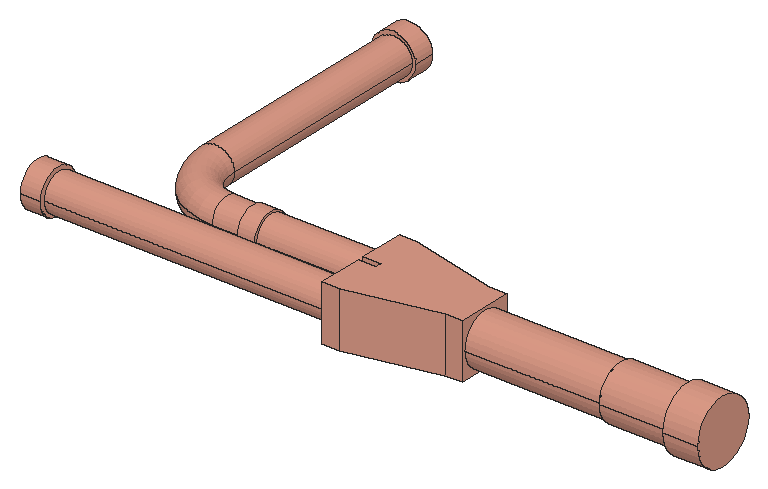
Revit family "outputfile", category 配管付属品, Revit 2024
Family settings
  丸型コネクタ寸法 = 半径を使用
  パーツ タイプ = 標準
  OmniClass 番号 = 23.65.55.00
  OmniClass タイトル = Distribution of Supplied Liquids/Gases
  作業面ベース = いいえ
  常に垂直 = はい
  ロード時にボイドで切り取り = いいえ
  共有 = いいえ
Parameters (values of type "BHFP22R168_(2)")
  Description = ""
  製造元 = "Daikin"
  書き出し IFC クラス(タイプ) = "IfcPipeFittingType"
  Default Elevation = 0.0 mm
  定義済み IFC タイプ(タイプ) = "JUNCTION"
  Cost = 0
  モデル = "BHFP22R168_(2)"
  Type Comments = ""
  Keynote = ""
  Type Image = (empty or 0)
  Assembly Code = ""
  switch_Offset Reducer(5) [instance] = if(and([judge_JointType(1or2or3)] = 3, Is_PipeToCU_B Reducer = 1, judge_IsOffsetPipe_ToOutdoorUnitB = 1), 1 = 1, 1 = 0)  # no
  switch_Offset Reducer(2) [instance] = if(judge_IsOffsetPipe_ToOutdoorUnitA = 2, 1 = 1, 1 = 0)  # yes
  switch_Offset Reducer(1) [instance] = if(judge_IsOffsetPipe_ToOutdoorUnitA = 1, 1 = 1, 1 = 0)  # no
  table_PipeToCU_B [instance] = if(mm⇔inch, "Multi Module Kit_BHFP22R-_Gas_PipeToCU_B", "Multi Module Kit_BHFP22R-_Gas_PipeToCU_B_inch")  # "Multi Module Kit_BHFP22R-_Gas_PipeToCU_B"
  table_PipeToCU_A [instance] = if(mm⇔inch, "Multi Module Kit_BHFP22R-_Gas_PipeToCU_A", "Multi Module Kit_BHFP22R-_Gas_PipeToCU_A_inch")  # "Multi Module Kit_BHFP22R-_Gas_PipeToCU_A"
  table_ToMainPipe [instance] = if(mm⇔inch, "Multi Module Kit_BHFP22R-_Gas_ToMainPipe", "Multi Module Kit_BHFP22R-_Gas_ToMainPipe_inch")  # "Multi Module Kit_BHFP22R-_Gas_ToMainPipe"
  switch_PipeToCU_B Reducer [instance] = if(and(Is_PipeToCU_B Reducer = 1, judge_IsOffsetPipe_ToOutdoorUnitB = 0), 1 = 1, 1 = 0)  # no
  switch_PipeToCU_B4 [instance] = if(number_PipeToCU_B < 4, 1 = 0, 1 = 1)  # no
  switch_PipeToCU_B3 [instance] = if(number_PipeToCU_B < 3, 1 = 0, 1 = 1)  # no
  switch_PipeToCU_B2 [instance] = if(number_PipeToCU_B < 2, 1 = 0, 1 = 1)  # no
  switch_PipeToCU_A Reducer [instance] = if(Is_PipeToCU_A Reducer = 1, 1 = 1, 1 = 0)  # yes
  switch_ToMainPipe Reducer [instance] = if(Is_ToMainPipe Reducer = 1, 1 = 1, 1 = 0)  # no
  switch_ToMainPipe2 [instance] = if(number_ToMainPipe < 2, 1 = 0, 1 = 1)  # yes
  switch_Offset Reducer(4) [instance] = if(and([judge_JointType(1or2or3)] = 1, Is_PipeToCU_B Reducer = 1, judge_IsOffsetPipe_ToOutdoorUnitB = 1), 1 = 1, 1 = 0)  # no
  switch_Offset Reducer(3) [instance] = if(and([judge_JointType(1or2or3)] = 2, Is_PipeToCU_B Reducer = 1, judge_IsOffsetPipe_ToOutdoorUnitB = 1), 1 = 1, 1 = 0)  # no
  r_PipeToCU_B_ActualDiameter [instance] = PipeToCU_B_Gas_ActualDiameter / 2  # 14.3 mm
  r_PipeToCU_A_ActualDiameter [instance] = PipeToCU_A_Gas_ActualDiameter / 2  # 14.3 mm
  r_ToMainPipe_ActualDiameter [instance] = ToMainPipe_Gas_ActualDiameter / 2  # 20.65 mm
  number_PipeToCU_B ReducerPipe [instance] = size_lookup(table_PipeToCU_B, "reducerPipeNumber", 2, モデル, judge_IsOffsetPipe_ToOutdoorUnitB, PipeToCU_B_Gas_ActualDiameter)  # 1
  number_PipeToCU_B [instance] = size_lookup(table_PipeToCU_B, "pipeNumber", 2, モデル, judge_IsOffsetPipe_ToOutdoorUnitB, PipeToCU_B_Gas_ActualDiameter)  # 1
  number_PipeToCU_A ReducerPipe [instance] = size_lookup(table_PipeToCU_A, "reducerPipeNumber", 2, モデル, PipeToCU_A_Gas_ActualDiameter)  # 1
  number_ToMainPipe [instance] = size_lookup(table_ToMainPipe, "pipeNumber", 2, モデル, ToMainPipe_Gas_ActualDiameter)  # 2
  mm⇔inch [instance] = yes
  judge_IsOffsetPipe_ToOutdoorUnitA = 2
  Unit Type = "BHFP22R-_Gas"
  Uniclass2015Version = "Products v1.31"
  Uniclass2015Title = "Copper pipe fittings"
  Uniclass2015Code = "Pr_65_52_63_18"
  URL = ""
  ToMainPipe_Gas_Status [instance] = size_lookup(table_ToMainPipe, "Information", "The connected pipe size is not available.", モデル, ToMainPipe_Gas_ActualDiameter)  # "Default connector size is used."
  ToMainPipe_Gas_ActualDiameter [instance] = 41.3 mm
  Tag No. [instance] = ""
  Series = "Multi Module kit"
  PipeToCU_B_Gas_Status [instance] = size_lookup(table_PipeToCU_B, "Information", "The connected pipe size is not available.", モデル, judge_IsOffsetPipe_ToOutdoorUnitB, PipeToCU_B_Gas_ActualDiameter)  # "Default connector size is used."
  PipeToCU_B_Gas_ActualDiameter [instance] = 28.6 mm
  PipeToCU_A_Gas_Status [instance] = size_lookup(table_PipeToCU_A, "Information", "The connected pipe size is not available.", モデル, PipeToCU_A_Gas_ActualDiameter)  # "Reducer is used at connector."
  PipeToCU_A_Gas_ActualDiameter [instance] = 28.6 mm
  Material_Piping = DAIKIN_Copper_Pipe
  Material_Insulation = DAIKIN_White_Insulation
  location_PipeToCU_B connector [instance] = size_lookup(table_PipeToCU_B, "Locationconnector", 0.0 mm, モデル, judge_IsOffsetPipe_ToOutdoorUnitB, PipeToCU_B_Gas_ActualDiameter)  # 0.0 mm
  location_PipeToCU_A connector [instance] = size_lookup(table_PipeToCU_A, "Locationconnector", 144.0 mm, モデル, PipeToCU_A_Gas_ActualDiameter)  # 146.0 mm
  l_PipeToCU_B connector [instance] = size_lookup(table_PipeToCU_B, "Length", 223.0 mm, モデル, judge_IsOffsetPipe_ToOutdoorUnitB, PipeToCU_B_Gas_ActualDiameter)  # 208.0 mm
  l_PipeToCU_B Reducer [instance] = 100.0 mm  # constant formula
  l_PipeToCU_B4 [instance] = size_lookup(table_PipeToCU_B, "L_Pipe4", 2.0 mm, モデル)  # 2.0 mm
  l_PipeToCU_B3 [instance] = size_lookup(table_PipeToCU_B, "L_Pipe3", 2.0 mm, モデル)  # 2.0 mm
  l_PipeToCU_B2 [instance] = size_lookup(table_PipeToCU_B, "L_Pipe2", 24.0 mm, モデル)  # 2.0 mm
  l_PipeToCU_B1 [instance] = size_lookup(table_PipeToCU_B, "L_Pipe1", 46.0 mm, モデル)  # 14.0 mm
  l_PipeToCU_B0 [instance] = size_lookup(table_PipeToCU_B, "L_Pipe0", 153.0 mm, モデル)  # 194.0 mm
  l_PipeToCU_A connector [instance] = size_lookup(table_PipeToCU_A, "Length", 187.0 mm, モデル, PipeToCU_A_Gas_ActualDiameter)  # 207.0 mm
  l_PipeToCU_A1 [instance] = size_lookup(table_PipeToCU_A, "L_Pipe1", 14.0 mm, モデル)  # 12.0 mm
  l_PipeToCU_A0 [instance] = size_lookup(table_PipeToCU_A, "L_Pipe0", 74.0 mm, モデル)  # 76.0 mm
  l_ToMainPipe connector [instance] = size_lookup(table_ToMainPipe, "Length", 404.0 mm, モデル, ToMainPipe_Gas_ActualDiameter)  # 164.0 mm
  l_ToMainPipe Reducer [instance] = size_lookup(table_ToMainPipe, "L_Reducer", 2.0 mm, モデル, ToMainPipe_Gas_ActualDiameter)  # 2.0 mm
  l_ToMainPipe2 [instance] = size_lookup(table_ToMainPipe, "L_Pipe2", 24.0 mm, モデル)  # 24.0 mm
  l_ToMainPipe1 [instance] = size_lookup(table_ToMainPipe, "L_Pipe1", 46.0 mm, モデル)  # 46.2 mm
  l_ToMainPipe0 [instance] = size_lookup(table_ToMainPipe, "L_Pipe0", 334.0 mm, モデル)  # 93.8 mm
  judge_IsOffsetPipe_ToOutdoorUnitB [instance] = if(OffsetPipe_ToNextCU, 1, 0)  # 0
  judge_JointType(1or2or3) = 2
  count_PipeToCU_B Reducer [instance] = size_lookup(table_PipeToCU_B, "reducerCount", 0, モデル, judge_IsOffsetPipe_ToOutdoorUnitB, PipeToCU_B_Gas_ActualDiameter)  # 0
  count_PipeToCU_A Reducer [instance] = size_lookup(table_PipeToCU_A, "reducerCount", 1, モデル, PipeToCU_A_Gas_ActualDiameter)  # 1
  angle_PipeToCU_A Pipe [instance] = if(RotateBranchPipetoCU_A_90°, 90.00°, 0.00°)  # 0.00°
  angle_PipeToCU_A Connector [instance] = angle_PipeToCU_A Pipe + 90.00°  # 90.00°
  PipeToCU_B_Gas_AvailableDiameter [instance] = size_lookup(table_PipeToCU_B, "sizeVariation", "", モデル, judge_IsOffsetPipe_ToOutdoorUnitB)  # "28.6mm"
  PipeToCU_A_Gas_AvailableDiameter [instance] = size_lookup(table_PipeToCU_A, "sizeVariation", "", モデル)  # "28.6mm"
  ToMainPipe_Gas_AvailableDiameter [instance] = size_lookup(table_ToMainPipe, "sizeVariation", "", モデル)  # "34.9/41.3mm"
  RotateBranchPipetoCU_A_90° [instance] = no
  OffsetPipe_ToNextCU [instance] = no
  O.D_ToMainPipe Reducer [instance] = size_lookup(table_ToMainPipe, "O.D_reducer", 2.0 mm, モデル, ToMainPipe_Gas_ActualDiameter)  # 2.0 mm
  Link_Nested Family [instance] = ""
  Is_PipeToCU_B Reducer [instance] = size_lookup(table_PipeToCU_B, "IsReducer", 0, モデル, judge_IsOffsetPipe_ToOutdoorUnitB, PipeToCU_B_Gas_ActualDiameter)  # 0
  Is_PipeToCU_A Reducer [instance] = size_lookup(table_PipeToCU_A, "IsReducer", 1, モデル, PipeToCU_A_Gas_ActualDiameter)  # 1
  Is_ToMainPipe Reducer [instance] = size_lookup(table_ToMainPipe, "IsReducer", 0, モデル, ToMainPipe_Gas_ActualDiameter)  # 0
  IfcVersion = ""
  IfcExportType = "JUNCTION"
  IfcExportAs = "IfcPipeFittingType"
  Attach_Insulation [instance] = no
  I.D_PipeToCU_B4 [instance] = size_lookup(table_PipeToCU_B, "I.D_PipeSize4", 2.0 mm, モデル)  # 2.0 mm
  I.D_PipeToCU_B3 [instance] = size_lookup(table_PipeToCU_B, "I.D_PipeSize3", 2.0 mm, モデル)  # 2.0 mm
  I.D_PipeToCU_B2 [instance] = size_lookup(table_PipeToCU_B, "I.D_PipeSize2", 34.9 mm, モデル)  # 2.0 mm
  I.D_PipeToCU_B1 [instance] = size_lookup(table_PipeToCU_B, "I.D_PipeSize1", 28.6 mm, モデル)  # 28.6 mm
  I.D_PipeToCU_B0 [instance] = size_lookup(table_PipeToCU_B, "I.D_PipeSize0", 26.6 mm, モデル)  # 23.4 mm
  I.D_PipeToCU_A1 = 25.4 mm
  I.D_PipeToCU_A0 [instance] = 23.4 mm  # constant formula
  I.D_ToMainPipe Reducer [instance] = size_lookup(table_ToMainPipe, "I.D_reducer", 2.0 mm, モデル, ToMainPipe_Gas_ActualDiameter)  # 2.0 mm
  I.D_ToMainPipe2 [instance] = size_lookup(table_ToMainPipe, "I.D_PipeSize2", 41.3 mm, モデル)  # 41.3 mm
  I.D_ToMainPipe1 [instance] = size_lookup(table_ToMainPipe, "I.D_PipeSize1", 34.9 mm, モデル)  # 34.9 mm
  I.D_ToMainPipe0 [instance] = size_lookup(table_ToMainPipe, "I.D_PipeSize0", 32.9 mm, モデル)  # 32.9 mm
Reference planes
  plane 1 "Center (Front/Back)": y = 0
  plane 2: z = 0
  plane 3 "Center (Left/Right)": x = 225.65
  plane 4: x = 201.65
  plane 5: x = 155.45
  plane 6: x = 61.65
  plane 7: x = -23.35
  plane 8: x = -111.35
  plane 9: x = -217.35
  plane 10: x = -231.35
  plane 11: x = -233.35
  plane 12: x = -235.35
  plane 13: x = -237.35
  plane 14: y = 17.5
  plane 15: y = -17.5
  plane 16: x = -99.35
  plane 17: x = 111.65
  plane 18 "ToMainPipe_connector": x = 225.65
  plane 19 "connector_OutdoorunitA": x = -169.35
  plane 20 "connector_ToOutdoorUnitB": x = -231.35
  plane 21: y = -17.5
  plane 22: z = 19
  plane 23: z = -19
Forms (mm)
  Extrusion 1, solid, material "DAIKIN_Copper_Pipe" <- "Material_Piping"
    sketch origin (0, 0, 0) x (1, 0, 0) y (0, 1, 0)
      loop
        line (-23.35, 2) -> (-11.35, 2) -> (-11.35, -2) -> (-23.35, -2) -> (-23.35, -33.25) -> (-11.35, -33.25) -> (49.65, -19) -> (61.65, -19) -> (61.65, 19) -> (49.65, 19) -> (-11.35, 33.25) -> (-23.35, 33.25) -> (-23.35, 2)
    from -19 to 19
Dimensions and locks
  locked: plane 6 to plane 17 at 50
  "l_PipeToCU_A0": plane 16 to plane 7
  "l_PipeToCU_A1": plane 8 to plane 16
  "l_PipeToCU_B0": plane 9 to plane 7
  "l_PipeToCU_B1": plane 10 to plane 9
  "l_PipeToCU_B2": plane 11 to plane 10
  "l_PipeToCU_B3": plane 12 to plane 11
  "l_PipeToCU_B4": plane 13 to plane 12
  plane 7 to plane 6 = 85.0 mm
  "l_ToMainPipe1": plane 5 to plane 4
  "l_ToMainPipe2": plane 4 to plane 3 "Center (Left/Right)"
  "l_ToMainPipe0": plane 6 to plane 5
  "l_ToMainPipe connector": plane 6 to plane 18 "ToMainPipe_connector"
  "location_PipeToCU_A connector": plane 19 "connector_OutdoorunitA" to plane 7
  "l_PipeToCU_B connector": plane 20 "connector_ToOutdoorUnitB" to plane 7
  plane 14 to plane 1 "Center (Front/Back)" to plane 15 = 17.5 mm, 17.5 mm
  equal spacing: Extrusion 1 sketch curve, plane 1 "Center (Front/Back)", Extrusion 1 sketch curve  (x3)
  Extrusion 1 sketch curve to Extrusion 1 sketch curve = 38.0 mm
  Extrusion 1 sketch curve to Extrusion 1 sketch curve = 66.5 mm
  plane 7 to Extrusion 1 sketch curve = 12.0 mm  (x2)
  Extrusion 1 sketch curve to plane 6 = 12.0 mm  (x2)
  Extrusion 1 sketch curve to Extrusion 1 sketch curve = 4.0 mm
  "location_PipeToCU_B connector": plane 21 to plane 15
  equal spacing: plane 22, plane 2, plane 23
  locked: plane 22 to plane 23 at 38
  aligned and locked: level to plane 2
  aligned and locked: plane 2 to nested 1
  aligned and locked: plane 1 "Center (Front/Back)" to nested 1
  aligned and locked: plane 3 "Center (Left/Right)" to nested 1
  aligned and locked: plane 4 to nested 1
  aligned and locked: plane 4 to nested 2
  aligned and locked: plane 5 to nested 2
  aligned and locked: plane 5 to nested 3
  aligned and locked: plane 6 to nested 3
  aligned and locked: plane 6 to Extrusion 1
  aligned and locked: plane 7 to nested 4
  aligned and locked: plane 8 to nested 5
  aligned and locked: plane 16 to nested 5
  aligned and locked: nested 5 to plane 14
  aligned and locked: nested 6 to plane 15
  aligned and locked: plane 7 to nested 6
  aligned and locked: plane 9 to nested 6
  aligned and locked: plane 10 to nested 7
  aligned and locked: plane 9 to nested 7
  aligned and locked: plane 11 to nested 8
  aligned and locked: plane 10 to nested 8
  aligned and locked: plane 12 to nested 9
  aligned and locked: plane 11 to nested 9
  aligned and locked: plane 13 to nested 10
  aligned and locked: plane 12 to nested 10
  aligned and locked: nested 10 to plane 15
  aligned and locked: nested 9 to plane 15
  aligned and locked: nested 8 to plane 15
  aligned and locked: nested 7 to plane 15
  aligned and locked: plane 1 "Center (Front/Back)" to nested 11
  aligned and locked: plane 16 to nested 4
  aligned and locked: nested 13 to plane 15
  aligned and locked: nested 14 to plane 15
  aligned and locked: plane 1 "Center (Front/Back)" to nested 15
  aligned and locked: plane 18 "ToMainPipe_connector" to nested 15
  aligned and locked: plane 6 to nested 16
  aligned and locked: plane 1 "Center (Front/Back)" to nested 3
  aligned and locked: plane 14 to nested 17
  aligned and locked: nested 17 to plane 19 "connector_OutdoorunitA"
  aligned and locked: nested 18 to plane 7
  aligned and locked: plane 15 to nested 19
  aligned and locked: nested 19 to plane 10
  aligned and locked: nested 4 to plane 14
  aligned and locked: Extrusion 1 sketch curve to Extrusion 1 sketch curve
  aligned and locked: nested 21 to plane 15
  aligned and locked: plane 6 to nested 11
  aligned and locked: nested 21 to plane 10
  aligned and locked: Extrusion 1 to plane 22
  aligned and locked: plane 23 to Extrusion 1
  aligned and locked: nested 20 to plane 14
  aligned and locked: nested 12 to plane 14
  aligned and locked: nested 18 to plane 21
  aligned and locked: nested 14 to plane 10
  aligned and locked: nested 13 to plane 10
  aligned and locked: plane 8 to nested 20
  aligned and locked: plane 8 to nested 12
Automatic sketch dimensions
  Extrusion 1 sketch curve to plane 7 = 0.0 mm  (x2)
  Extrusion 1 sketch curve to plane 6 = 0.0 mm
Nested families
  nested 1: "daikin_Pipe" at (213.65, 0, 0), I.D_Pipe <- "I.D_ToMainPipe2", display <- "switch_ToMainPipe2", type "*"
    with length_Pipe 24.0 mm, display yes, O.D_Pipe 43.3 mm, I.D_Pipe 41.3 mm
  nested 2: "daikin_Pipe" at (178.55, 0, 0), I.D_Pipe <- "I.D_ToMainPipe1", type "*"
    with length_Pipe 46.2 mm, display yes, O.D_Pipe 36.9 mm, I.D_Pipe 34.9 mm
  nested 3: "daikin_Pipe" at (108.55, 0, 0), I.D_Pipe <- "I.D_ToMainPipe0", type "*"
    with length_Pipe 93.8 mm, display yes, O.D_Pipe 34.9 mm, I.D_Pipe 32.9 mm
  nested 4: "daikin_Pipe" at (-61.35, 17.5, 0), I.D_Pipe <- "I.D_PipeToCU_A0", type "*"
    with length_Pipe 76.0 mm, display yes, O.D_Pipe 25.4 mm, I.D_Pipe 23.4 mm
  nested 5: "daikin_Pipe" at (-105.35, 17.5, 0), I.D_Pipe <- "I.D_PipeToCU_A1", type "*"
    with length_Pipe 12.0 mm, display yes, O.D_Pipe 27.4 mm, I.D_Pipe 25.4 mm
  nested 6: "daikin_Pipe" at (-120.35, -17.5, 0), I.D_Pipe <- "I.D_PipeToCU_B0", type "*"
    with length_Pipe 194.0 mm, display yes, O.D_Pipe 25.4 mm, I.D_Pipe 23.4 mm
  nested 7: "daikin_Pipe" at (-224.35, -17.5, 0), I.D_Pipe <- "I.D_PipeToCU_B1", type "*"
    with length_Pipe 14.0 mm, display yes, O.D_Pipe 30.6 mm, I.D_Pipe 28.6 mm
  nested 8: "daikin_Pipe" at (-232.35, -17.5, 0), I.D_Pipe <- "I.D_PipeToCU_B2", display <- "switch_PipeToCU_B2", type "*"
    with length_Pipe 2.0 mm, display no, O.D_Pipe 4.0 mm, I.D_Pipe 2.0 mm
  nested 9: "daikin_Pipe" at (-234.35, -17.5, 0), display <- "switch_PipeToCU_B3", I.D_Pipe <- "I.D_PipeToCU_B3", visible <- "switch_PipeToCU_B3", type "*"
    with length_Pipe 2.0 mm, display no, O.D_Pipe 4.0 mm, I.D_Pipe 2.0 mm
  nested 10: "daikin_Pipe" at (-236.35, -17.5, 0), display <- "switch_PipeToCU_B4", I.D_Pipe <- "I.D_PipeToCU_B4", visible <- "switch_PipeToCU_B4", type "*"
    with length_Pipe 2.0 mm, display no, O.D_Pipe 4.0 mm, I.D_Pipe 2.0 mm
  nested 11: "daikin_MultiModeluKit_Insulation" at (61.65, 0, 0), display <- "Attach_Insulation", type "*"
    with h 54.2 mm, display no, I.D_Outlet PipeSize 22.2 mm
  nested 12: "daikin_Multi Module kit_Reducer90_rotate_1" at (-111.35, 17.5, 0), number_reducerPipe <- "number_PipeToCU_A ReducerPipe", angle_Pipe <- "angle_PipeToCU_A Pipe", I.D_connector <- "PipeToCU_A_Gas_ActualDiameter", visible <- "switch_Offset Reducer(1)", type "*"
    with number_reducerPipe 1, display_Pipe4 no, display_Pipe3 no, display_Pipe2 no, display_41.3 no, display_34.9 no, display_28.6 no, angle_Pipe 0.00°, I.D_connector 28.6 mm
  nested 13: "daikin_Multi Module kit_Reducer Offset1" at (-231.35, -17.5, 0), number_reducerPipe <- "number_PipeToCU_B ReducerPipe", visible <- "switch_Offset Reducer(3)", type "*"
    with number_reducerPipe 1, display_Pipe4 no, display_Pipe3 no, display_Pipe2 no
  nested 14: "daikin_Multi Module kit_Reducer Offset2" at (-231.35, -17.5, 0), number_reducerPipe <- "number_PipeToCU_B ReducerPipe", visible <- "switch_Offset Reducer(4)", type "*"
    with number_reducerPipe 1, display_Pipe2 no, display_41.3 no, display_34.9 no, I.D_connector 19.1 mm
  nested 15: "daikin_Pipe_reducer" at (224.65, 0, 0), I.D_Pipe1 <- "I.D_ToMainPipe Reducer", O.D_Pipe2 <- "O.D_ToMainPipe Reducer", length_Pipe <- "l_ToMainPipe Reducer", display <- "switch_ToMainPipe Reducer", type "*"
    with length_Pipe 2.0 mm, display no, O.D_Pipe2 2.0 mm, O.D_Pipe1 4.0 mm, I.D_Pipe2 0.0 mm, I.D_Pipe1 2.0 mm
  nested 16: "daikin_connector_rotate3" at (61.65, 0, 0) x (0, 1, 0) z (0, 0, 1), length <- "l_ToMainPipe connector", type "daikin_connector_rotate3"
    with radius 10.0 mm, length 164.0 mm, angle_vertical 90.00°, angle_horizontal 0.00°
  nested 17: "daikin_connector_rotate3" at (-169.35, 17.5, 0) x (-1, 0, 0) z (0, 0, 1), length <- "l_PipeToCU_A connector", angle_vertical <- "angle_PipeToCU_A Connector", type "daikin_connector_rotate3"
    with radius 10.0 mm, length 207.0 mm, angle_vertical 90.00°, angle_horizontal 0.00°
  nested 18: "daikin_connector_rotate3" at (-23.35, -17.5, 0) x (0, -1, 0) z (0, 0, 1), length <- "l_PipeToCU_B connector", type "daikin_connector_rotate3"
    with radius 10.0 mm, length 208.0 mm, angle_vertical 90.00°, angle_horizontal 0.00°
  nested 19: "daikin_Pipe_reducer3_(6)(10)" at (-281.35, -17.5, 0) x (-1, 0, 0) z (0, 0, 1), visible <- "switch_PipeToCU_B Reducer", number_ReducerPipe <- "number_PipeToCU_B ReducerPipe", type "*"
    with number_ReducerPipe 1, length_Pipe 100.0 mm, display_Pipe2 no, O.D_Pipe3 28.6 mm, O.D_Pipe2 27.4 mm, O.D_Pipe1 24.2 mm, I.D_Reducer 22.2 mm, I.D_Pipe3 26.6 mm, I.D_Pipe2 25.4 mm, I.D_Pipe1 22.2 mm
  nested 20: "daikin_Multi Module kit_Reducer90_rotate_2" at (-111.35, 17.5, 0), angle_Pipe <- "angle_PipeToCU_A Pipe", I.D_connector <- "PipeToCU_A_Gas_ActualDiameter", visible <- "switch_Offset Reducer(2)", number_reducerPipe <- "number_PipeToCU_A ReducerPipe", type "*"
    with number_reducerPipe 1, display_Pipe4 no, display_Pipe3 no, display_Pipe2 no, display_41.3 no, display_34.9 no, display_28.6 no, angle_Pipe 0.00°, I.D_connector 28.6 mm
  nested 21: "daikin_Multi Module kit_Reducer Offset3" at (-231.35, -17.5, 0), visible <- "switch_Offset Reducer(5)", I.D_connector <- "PipeToCU_B_Gas_ActualDiameter", number_reducerPipe <- "number_PipeToCU_B ReducerPipe", type "*"
    with number_reducerPipe 1, display_Pipe4 no, display_Pipe3 no, display_Pipe2 no, I.D_connector 28.6 mm
Connectors
  piping at (225.65, 0, 0), diameter 41.3, driven by "r_ToMainPipe_ActualDiameter"
    settings: on nested 16, index 1, connector inside diameter 609.6 mm, connector length 0.0 mm, flow factor 0, pipe flow 0.00 m³/h, pressure drop 0.0 Pa, fitting loss kfactor 0, connector angle 0.00°, fixture units 0, engagement length 0.0 mm, angle of deflection 0.00°, flow configuration 0, flow direction 1, fitting loss method 0, system type 29, joint type 0, gender type 0, connector reference index -1, connector utility 0, adjustable connector no, is connector primary yes, connector description "Multi Module kit_to Main Pipe_Gas"
  piping at (-169.35, 224.5, 0), diameter 28.6, driven by "r_PipeToCU_A_ActualDiameter"
    settings: on nested 17, index 2, connector inside diameter 609.6 mm, connector length 0.0 mm, flow factor 0, pipe flow 0.00 m³/h, pressure drop 0.0 Pa, fitting loss kfactor 0, connector angle 0.00°, fixture units 0, engagement length 0.0 mm, angle of deflection 0.00°, flow configuration 0, flow direction 2, fitting loss method 0, system type 29, joint type 0, gender type 0, connector reference index -1, connector utility 0, adjustable connector no, is connector primary no, connector description "Multi Module kit_Piping to CU-A_Gas"
  piping at (-231.35, -17.5, 0), diameter 28.6, driven by "r_PipeToCU_B_ActualDiameter"
    settings: on nested 18, index 3, connector inside diameter 609.6 mm, connector length 0.0 mm, flow factor 0, pipe flow 0.00 m³/h, pressure drop 0.0 Pa, fitting loss kfactor 0, connector angle 0.00°, fixture units 0, engagement length 0.0 mm, angle of deflection 0.00°, flow configuration 0, flow direction 2, fitting loss method 0, system type 29, joint type 0, gender type 0, connector reference index -1, connector utility 0, adjustable connector no, is connector primary no, connector description "Multi Module kit_Piping to CU-B_Gas"
Definition of nested family "daikin_Pipe"
  Parameters (values of type "*")
    Default Elevation = 0.0 mm
    material = none
    length_Pipe [instance] = 150.0 mm
    display [instance] = yes
    O.D_Pipe [instance] = I.D_Pipe + 2.0 mm  # 27.0 mm
    I.D_Pipe [instance] = 25.0 mm
  Reference planes
    plane 1 "Center (Front/Back)": y = 0
    plane 2 "center(vertical)": z = 0
    plane 3 "Center (Left/Right)": x = 0
    plane 4 "left": x = -75
    plane 5 "right": x = 75
  Forms (mm)
    Extrusion 1, solid, material <- "material", visible <- "display"
      sketch origin (0, 0, 0) x (0, 1, 0) y (0, 0, 1)
        loop
          circle (0, 0) r 13.5
      from -75 to 75
  Dimensions and locks
    equal spacing: plane 4 "left", plane 3 "Center (Left/Right)", plane 5 "right"
    "length_Pipe": plane 4 "left" to plane 5 "right"
    "O.D_Pipe": diameter of Extrusion 1 sketch curve
    aligned and locked: level to plane 2 "center(vertical)"
    aligned and locked: plane 2 "center(vertical)" to Extrusion 1 sketch curve
    aligned and locked: plane 1 "Center (Front/Back)" to Extrusion 1 sketch curve
    aligned and locked: plane 5 "right" to Extrusion 1
    aligned and locked: Extrusion 1 to plane 4 "left"
Definition of nested family "daikin_Multi Module kit_Reducer90_rotate_1"
  Parameters (values of type "*")
    Default Elevation = 0.0 mm
    number_reducerPipe [instance] = 2
    material_Pipe = none
    display_Pipe4 [instance] = if(number_reducerPipe < 4, 1 = 0, 1 = 1)  # no
    display_Pipe3 [instance] = if(number_reducerPipe < 3, 1 = 0, 1 = 1)  # no
    display_Pipe2 [instance] = if(number_reducerPipe < 2, 1 = 0, 1 = 1)  # yes
    display_41.3 [instance] = no
    display_34.9 [instance] = no
    display_28.6 [instance] = no
    angle_Pipe [instance] = 0.00°
    I.D_connector [instance] = 34.9 mm
  Reference planes
    plane 1 "Center (Front/Back)": y = 0
    plane 2: z = 0
    plane 3 "Center (Left/Right)": x = 0
  Lines and regions (mm)
    reference lines
      curve 1: line (0, 0, 0) -> (0, 585, 0)
      curve 2: line (0, 0, 0) -> (0, 0, 155)
  Dimensions and locks
    locked: curve 1 to curve 2 (angle 90.00°)
    "angle_Pipe": angle plane 2 to curve 1
    aligned and locked: level to plane 2
    aligned and locked: plane 1 "Center (Front/Back)" to curve 1
    aligned and locked: plane 2 to curve 1
    aligned and locked: nested 1 to curve 1
    aligned and locked: nested 1 to curve 2
    aligned and locked: plane 3 "Center (Left/Right)" to nested 1
  Nested families
    nested 1: "daikin_Multi Module kit_Reducer90" at (0, 0, 0), display_Pipe2 <- "display_Pipe2", display_Pipe3 <- "display_Pipe3", display_Pipe4 <- "display_Pipe4", I.D_connector <- "I.D_connector", display_34.9 <- "display_34.9", display_41.3 <- "display_41.3", type "*"
      with display_Pipe4 no, display_Pipe3 no, display_Pipe2 yes, display_41.3 no, display_34.9 no, display_28.6 no, I.D_connector 34.9 mm
  Definition of nested family "daikin_Multi Module kit_Reducer90"
    Parameters (values of type "*")
      Default Elevation = 1219.2 mm
      material_Pipe = none
      display_Pipe4 [instance] = no
      display_Pipe3 [instance] = no
      display_Pipe2 [instance] = yes
      display_41.3 [instance] = no
      display_34.9 [instance] = no
      display_28.6 [instance] = no
      O.D_Pipe4 = 19.1 mm + 2.0 mm  # 21.1 mm
      O.D_Pipe3 = 22.2 mm + 2.0 mm  # 24.2 mm
      O.D_Pipe2 = 34.9 mm + 2.0 mm  # 36.9 mm
      O.D_Pipe1 = 28.6 mm + 2.0 mm  # 30.6 mm
      O.D_Pipe0 = 28.6 mm  # constant formula
      I.D_connector [instance] = 0.0 mm
    Reference planes
      plane 1 "Center (Front/Back)": y = 0
      plane 2 "center_vertical": z = 0
      plane 3 "Center (Left/Right)": x = 0
      plane 4 "center_toOutdoor": x = -56
      plane 5: y = 117
      plane 6: y = 163
      plane 7: y = 187
      plane 8: y = 217
      plane 9: y = 228.5
      plane 10: y = 263
    Forms (mm)
      Sweep 1, solid, material <- "material_Pipe"
        path origin (0, 0, 0) x (1, 0, 0) y (0, 1, 0)
          loop
            line (0, 0) -> (-16, 0)
            arc (-16, 0) -> (-44.284, 11.716) -> (-56, 40) r 40
            line (-56, 40) -> (-56, 117)
        profile origin (-8, 0, 0) x (0, -1, 0) y (0, 0, 1)
          loop
            circle (0, 0) r 14.3
      Extrusion 2, solid, material <- "material_Pipe"
        sketch origin (0, 0, 0) x (1, 0, 0) y (0, 0, 1)
          loop
            circle (-56, 0) r 15.3
        from -163 to -117
      Extrusion 3, solid, material <- "material_Pipe", visible <- "display_Pipe2"
        sketch origin (75, -2.05, 0) x (1, 0, 0) y (0, 0, 1)
          loop
            circle (-131, 0) r 18.45
        from -189.05 to -165.05
      Extrusion 4, solid, material <- "material_Pipe", visible <- "display_Pipe3"
        sketch origin (165, -1.05, 0) x (1, 0, 0) y (0, 0, 1)
          loop
            circle (-221, 0) r 12.1
        from -218.05 to -188.05
      Extrusion 5, solid, material <- "material_Pipe", visible <- "display_Pipe4"
        sketch origin (165, 32.95, 0) x (1, 0, 0) y (0, 0, 1)
          loop
            circle (-221, 0) r 10.55
        from -195.55 to -184.05
    Lines and regions (mm)
      reference lines
        curve 1: line (0, 0, 0) -> (-56, 0, 0)
    Dimensions and locks
      locked: plane 1 "Center (Front/Back)" to plane 5 at 117
      locked: plane 6 to plane 5 at 46
      locked: plane 7 to plane 6 at 24
      locked: plane 8 to plane 7 at 30
      locked: plane 9 to plane 8 at 11.5
      locked: plane 4 "center_toOutdoor" to plane 3 "Center (Left/Right)" at 56
      locked: plane 10 to plane 6 at 100
      "O.D_Pipe3": diameter of Extrusion 4 sketch curve
      "O.D_Pipe4": diameter of Extrusion 5 sketch curve
      "O.D_Pipe2": diameter of Extrusion 3 sketch curve
      "O.D_Pipe0": diameter of Sweep 1 sketch curve
      "O.D_Pipe1": diameter of Extrusion 2 sketch curve
      aligned and locked: level to plane 2 "center_vertical"
      aligned and locked: plane 6 to Extrusion 2
      aligned and locked: Extrusion 2 to plane 5
      aligned and locked: Extrusion 3 to plane 6
      aligned and locked: plane 8 to Extrusion 4
      aligned and locked: Extrusion 4 to plane 7
      aligned and locked: plane 9 to Extrusion 5
      aligned and locked: Extrusion 5 to plane 8
      aligned and locked: Sweep 1 sketch curve to plane 1 "Center (Front/Back)"
      aligned and locked: plane 3 "Center (Left/Right)" to curve 1
      aligned and locked: curve 1 to plane 1 "Center (Front/Back)"
      aligned and locked: plane 7 to Extrusion 3
      aligned and locked: plane 4 "center_toOutdoor" to nested 1
      aligned and locked: plane 6 to nested 1
      aligned and locked: plane 10 to nested 2
      aligned and locked: plane 4 "center_toOutdoor" to nested 2
      aligned and locked: plane 10 to nested 3
      aligned and locked: plane 4 "center_toOutdoor" to nested 3
      aligned and locked: plane 2 "center_vertical" to nested 3
      aligned and locked: plane 2 "center_vertical" to nested 2
      aligned and locked: plane 2 "center_vertical" to nested 1
    Automatic sketch dimensions
      Sweep 1 sketch curve to plane 4 "center_toOutdoor" = 0.0 mm
      Sweep 1 sketch curve to plane 3 "Center (Left/Right)" = 0.0 mm
      Sweep 1 sketch curve to plane 5 = 0.0 mm
      Sweep 1 sketch curve to plane 3 "Center (Left/Right)" = 16.0 mm
      curve 1 to plane 4 "center_toOutdoor" = 0.0 mm
      Sweep 1 sketch curve to level = 0.0 mm
      Sweep 1 sketch curve to profile plane = 0.0 mm
      Extrusion 2 sketch curve to level = 0.0 mm
      Extrusion 2 sketch curve to plane 4 "center_toOutdoor" = 0.0 mm
      Extrusion 3 sketch curve to level = 0.0 mm
      Extrusion 3 sketch curve to plane 4 "center_toOutdoor" = 0.0 mm
      Extrusion 4 sketch curve to level = 0.0 mm
      Extrusion 4 sketch curve to plane 4 "center_toOutdoor" = 0.0 mm
      Extrusion 5 sketch curve to level = 0.0 mm
      Extrusion 5 sketch curve to plane 4 "center_toOutdoor" = 0.0 mm
    Nested families
      nested 1: "daikin_Pipe_reducer" at (-56, 195.25, 0) x (0, 1, 0) z (0, 0, 1), display <- "display_28.6", type "*"
        with length_Pipe 64.5 mm, display no, O.D_Pipe2 28.6 mm, O.D_Pipe1 33.8 mm, I.D_Pipe2 26.6 mm, I.D_Pipe1 31.8 mm
      nested 2: "daikin_Pipe_reducer" at (-56, 295.25, 0) x (0, 1, 0) z (0, 0, 1), display <- "display_34.9", type "*"
        with length_Pipe 64.5 mm, display no, O.D_Pipe2 31.8 mm, O.D_Pipe1 36.9 mm, I.D_Pipe2 29.8 mm, I.D_Pipe1 34.9 mm
      nested 3: "daikin_Pipe_reducer" at (-56, 295.25, 0) x (0, 1, 0) z (0, 0, 1), display <- "display_41.3", type "*"
        with length_Pipe 64.5 mm, display no, O.D_Pipe2 31.8 mm, O.D_Pipe1 43.3 mm, I.D_Pipe2 29.8 mm, I.D_Pipe1 41.3 mm
    Definition of nested family "daikin_Pipe_reducer"
      Parameters (values of type "*")
        Default Elevation = 0.0 mm
        material = none
        length_Pipe [instance] = 250.0 mm
        display [instance] = yes
        O.D_Pipe2 [instance] = 19.1 mm
        O.D_Pipe1 [instance] = I.D_Pipe1 + 2.0 mm  # 24.2 mm
        I.D_Pipe2 [instance] = O.D_Pipe2 - 2.0 mm  # 17.1 mm
        I.D_Pipe1 [instance] = 22.2 mm
      Reference planes
        plane 1 "Center (Front/Back)": y = 0
        plane 2 "center(vertical)": z = 0
        plane 3 "Center (Left/Right)": x = 0
        plane 4 "connection": x = -125
        plane 5 "right": x = 113
        plane 6: x = 125
      Forms (mm)
        Extrusion 1, solid, material <- "material", visible <- "display"
          sketch origin (0, 0, 0) x (0, 1, 0) y (0, 0, 1)
            loop
              circle (0, 0) r 9.55
          from -125 to 113
        Extrusion 2, solid, material <- "material", visible <- "display"
          sketch origin (0, 0, 0) x (0, 1, 0) y (0, 0, 1)
            loop
              circle (0, 0) r 12.1
          from 113 to 125
      Dimensions and locks
        locked: plane 5 "right" to plane 6 at 12
        "length_Pipe": plane 4 "connection" to plane 6
        equal spacing: plane 4 "connection", plane 3 "Center (Left/Right)", plane 6
        "O.D_Pipe2": diameter of Extrusion 1 sketch curve
        "O.D_Pipe1": diameter of Extrusion 2 sketch curve
        aligned and locked: level to plane 2 "center(vertical)"
        aligned and locked: plane 2 "center(vertical)" to Extrusion 1 sketch curve
        aligned and locked: plane 1 "Center (Front/Back)" to Extrusion 1 sketch curve
        aligned and locked: plane 5 "right" to Extrusion 1
        aligned and locked: Extrusion 1 to plane 4 "connection"
        aligned and locked: plane 2 "center(vertical)" to Extrusion 2 sketch curve
        aligned and locked: plane 1 "Center (Front/Back)" to Extrusion 2 sketch curve
        aligned and locked: Extrusion 2 to plane 5 "right"
        aligned and locked: plane 6 to Extrusion 2
Definition of nested family "daikin_Multi Module kit_Reducer Offset1"
  Parameters (values of type "*")
    Default Elevation = 0.0 mm
    number_reducerPipe [instance] = 1
    material = none
    display_Pipe4 [instance] = if(number_reducerPipe < 4, 1 = 0, 1 = 1)  # no
    display_Pipe3 [instance] = if(number_reducerPipe < 3, 1 = 0, 1 = 1)  # no
    display_Pipe2 [instance] = if(number_reducerPipe < 2, 1 = 0, 1 = 1)  # no
    O.D_Pipe4 = 19.1 mm + 2.0 mm  # 21.1 mm
    O.D_Pipe3 = 22.2 mm + 2.0 mm  # 24.2 mm
    O.D_Pipe2 = 34.9 mm + 2.0 mm  # 36.9 mm
    O.D_Pipe1 = 28.6 mm + 2.0 mm  # 30.6 mm
    O.D_Pipe0 = 28.6 mm  # constant formula
  Reference planes
    plane 1 "Center (Front/Back)": y = 0
    plane 2: z = 0
    plane 3 "Center (Left/Right)": x = 0
    plane 4: y = -35
    plane 5: x = -286
    plane 6: x = -300
    plane 7: x = -324
    plane 8: x = -354
    plane 9: x = -365.5
    plane 10: x = -300
    plane 11: x = -133
    plane 12: x = -50
  Forms (mm)
    Extrusion 1, solid, material <- "material"
      sketch origin (-56.734, 401.522, 0) x (0, 1, 0) y (0, 0, 1)
        loop
          circle (-436.522, 0) r 15.3
      from -243.266 to -229.266
    Sweep 2, solid, material <- "material"
      path origin (0, 0, 0) x (1, 0, 0) y (0, 1, 0)
        loop
          line (0, 0) -> (-50, 0)
          arc (-50, 0) -> (-60.197, -1.319) -> (-69.724, -5.188) r 40.091
          line (-69.724, -5.188) -> (-113.321, -29.824)
          arc (-113.321, -29.824) -> (-122.826, -33.684) -> (-133, -35) r 40
          line (-133, -35) -> (-286, -35)
      profile origin (-25, 0, 0) x (0, -1, 0) y (0, 0, 1)
        loop
          circle (0, 0) r 14.3
    Extrusion 3, solid, material <- "material", visible <- "display_Pipe2"
      sketch origin (-94.334, 366.344, 0) x (0, 1, 0) y (0, 0, 1)
        loop
          circle (-401.344, 0) r 18.45
      from -229.666 to -205.666
    Extrusion 4, solid, material <- "material", visible <- "display_Pipe3"
      sketch origin (-124.334, 333.512, 0) x (0, 1, 0) y (0, 0, 1)
        loop
          circle (-368.512, 0) r 12.1
      from -229.666 to -199.666
    Extrusion 5, solid, material <- "material", visible <- "display_Pipe4"
      sketch origin (-161.334, 300.679, 0) x (0, 1, 0) y (0, 0, 1)
        loop
          circle (-335.679, 0) r 10.55
      from -204.166 to -192.666
  Dimensions and locks
    locked: plane 4 to plane 1 "Center (Front/Back)" at 35
    locked: plane 6 to plane 5 at 14
    locked: plane 7 to plane 6 at 24
    locked: plane 8 to plane 7 at 30
    locked: plane 9 to plane 8 at 11.5
    locked: plane 5 to plane 3 "Center (Left/Right)" at 286
    locked: plane 10 to plane 3 "Center (Left/Right)" at 300
    locked: plane 10 to plane 11 at 167
    locked: plane 12 to plane 3 "Center (Left/Right)" at 50
    "O.D_Pipe1": diameter of Extrusion 1 sketch curve
    "O.D_Pipe0": diameter of Sweep 2 sketch curve
    "O.D_Pipe2": diameter of Extrusion 3 sketch curve
    "O.D_Pipe3": diameter of Extrusion 4 sketch curve
    "O.D_Pipe4": diameter of Extrusion 5 sketch curve
    aligned and locked: level to plane 2
    aligned and locked: plane 2 to Sweep 2 sketch curve
    aligned and locked: plane 1 "Center (Front/Back)" to Sweep 2 sketch curve
    aligned and locked: plane 5 to Extrusion 1
    aligned and locked: Extrusion 1 to plane 6
    aligned and locked: plane 4 to Extrusion 5 sketch curve
    aligned and locked: plane 2 to Extrusion 5 sketch curve
    aligned and locked: plane 4 to Extrusion 1 sketch curve
    aligned and locked: plane 2 to Extrusion 1 sketch curve
    aligned and locked: plane 4 to Extrusion 3 sketch curve
    aligned and locked: plane 2 to Extrusion 3 sketch curve
    aligned and locked: plane 4 to Extrusion 4 sketch curve
    aligned and locked: plane 2 to Extrusion 4 sketch curve
    aligned and locked: plane 6 to Extrusion 3
    aligned and locked: Extrusion 3 to plane 7
    aligned and locked: plane 7 to Extrusion 4
    aligned and locked: Extrusion 4 to plane 8
    aligned and locked: plane 8 to Extrusion 5
    aligned and locked: Extrusion 5 to plane 9
    aligned and locked: plane 5 to Sweep 2 sketch curve
    aligned and locked: plane 3 "Center (Left/Right)" to Sweep 2 sketch curve
    aligned and locked: plane 11 to Sweep 2 sketch curve
    aligned and locked: plane 12 to Sweep 2 sketch curve
  Automatic sketch dimensions
    Sweep 2 sketch curve to plane 4 = 0.0 mm
    plane 1 "Center (Front/Back)" to Sweep 2 sketch curve = 0.0 mm
    plane 1 "Center (Front/Back)" to Sweep 2 sketch curve = 5.188 mm
    Sweep 2 sketch curve to plane 1 "Center (Front/Back)" = 5.0 mm
Definition of nested family "daikin_Multi Module kit_Reducer Offset2"
  Parameters (values of type "*")
    Default Elevation = 0.0 mm
    number_reducerPipe [instance] = 2
    material = none
    display_Pipe2 [instance] = if(number_reducerPipe < 2, 1 = 0, 1 = 1)  # yes
    display_41.3 [instance] = I.D_connector = 41.3 mm  # no
    display_34.9 [instance] = I.D_connector = 34.9 mm  # no
    O.D_Pipe2 = 41.3 mm + 2.0 mm  # 43.3 mm
    O.D_Pipe1 = 34.9 mm + 2.0 mm  # 36.9 mm
    O.D_Pipe0 = 34.9 mm  # constant formula
    I.D_connector [instance] = 0.0 mm
  Reference planes
    plane 1 "Center (Front/Back)": y = 0
    plane 2: z = 0
    plane 3 "Center (Left/Right)": x = 0
    plane 4: y = -17.5
    plane 5: x = -235
    plane 6: x = -281
    plane 7: x = -305
    plane 8: x = -305
    plane 9: x = -150
    plane 10: x = -70
  Forms (mm)
    Extrusion 1, solid, material <- "material"
      sketch origin (-56.734, 401.522, 0) x (0, 1, 0) y (0, 0, 1)
        loop
          circle (-419.022, 0) r 18.45
      from -224.266 to -178.266
    Sweep 2, solid, material <- "material"
      path origin (0, 0, 0) x (1, 0, 0) y (0, 1, 0)
        loop
          line (0, 0) -> (-70, 0)
          arc (-70, 0) -> (-78.011, -0.537) -> (-85.879, -2.137) r 60.056
          line (-85.879, -2.137) -> (-134.121, -15.363)
          arc (-134.121, -15.363) -> (-141.989, -16.963) -> (-150, -17.5) r 60.056
          line (-150, -17.5) -> (-235, -17.5)
      profile origin (-35, 0, 0) x (0, -1, 0) y (0, 0, 1)
        loop
          circle (0, 0) r 17.45
    Extrusion 3, solid, material <- "material", visible <- "display_Pipe2"
      sketch origin (-94.334, 366.344, 0) x (0, 1, 0) y (0, 0, 1)
        loop
          circle (-383.844, 0) r 21.65
      from -210.666 to -186.666
  Dimensions and locks
    plane 4 to plane 1 "Center (Front/Back)" = 17.5 mm
    locked: plane 6 to plane 5 at 46
    locked: plane 7 to plane 6 at 24
    locked: plane 5 to plane 3 "Center (Left/Right)" at 235
    locked: plane 8 to plane 3 "Center (Left/Right)" at 305
    locked: plane 10 to plane 3 "Center (Left/Right)" at 70
    locked: plane 8 to plane 9 at 155
    "O.D_Pipe1": diameter of Extrusion 1 sketch curve
    "O.D_Pipe0": diameter of Sweep 2 sketch curve
    "O.D_Pipe2": diameter of Extrusion 3 sketch curve
    aligned and locked: level to plane 2
    aligned and locked: plane 5 to Sweep 2 sketch curve
    aligned and locked: plane 2 to Sweep 2 sketch curve
    aligned and locked: plane 1 "Center (Front/Back)" to Sweep 2 sketch curve
    aligned and locked: plane 5 to Extrusion 1
    aligned and locked: Extrusion 1 to plane 6
    aligned and locked: plane 4 to Extrusion 1 sketch curve
    aligned and locked: plane 2 to Extrusion 1 sketch curve
    aligned and locked: plane 4 to Extrusion 3 sketch curve
    aligned and locked: plane 2 to Extrusion 3 sketch curve
    aligned and locked: plane 6 to Extrusion 3
    aligned and locked: Extrusion 3 to plane 7
    aligned and locked: nested 1 to plane 6
    aligned and locked: plane 4 to nested 1
    aligned and locked: plane 2 to nested 2
    aligned and locked: plane 2 to nested 1
    aligned and locked: nested 2 to plane 6
    aligned and locked: plane 4 to nested 2
    aligned and locked: plane 9 to Sweep 2 sketch curve
    aligned and locked: plane 10 to Sweep 2 sketch curve
  Automatic sketch dimensions
    plane 1 "Center (Front/Back)" to Sweep 2 sketch curve = 0.0 mm
    Sweep 2 sketch curve to plane 3 "Center (Left/Right)" = 0.0 mm
    Sweep 2 sketch curve to plane 4 = 0.0 mm
    plane 4 to Sweep 2 sketch curve = 2.137 mm
    plane 1 "Center (Front/Back)" to Sweep 2 sketch curve = 2.137 mm
  Nested families
    nested 1: "daikin_Pipe_reducer" at (-304.25, -17.5, 0) x (-1, 0, 0) z (0, 0, 1), display <- "display_34.9", type "*"
      with length_Pipe 46.5 mm, display no, O.D_Pipe2 31.8 mm, O.D_Pipe1 36.9 mm, I.D_Pipe2 29.8 mm, I.D_Pipe1 34.9 mm
    nested 2: "daikin_Pipe_reducer" at (-304.25, -17.5, 0) x (-1, 0, 0) z (0, 0, 1), display <- "display_41.3", type "*"
      with length_Pipe 46.5 mm, display no, O.D_Pipe2 31.8 mm, O.D_Pipe1 43.3 mm, I.D_Pipe2 29.8 mm, I.D_Pipe1 41.3 mm
  Definition of nested family "daikin_Pipe_reducer"
    Parameters (values of type "*")
      Default Elevation = 0.0 mm
      material = none
      length_Pipe [instance] = 250.0 mm
      display [instance] = yes
      O.D_Pipe2 [instance] = 19.1 mm
      O.D_Pipe1 [instance] = I.D_Pipe1 + 2.0 mm  # 24.2 mm
      I.D_Pipe2 [instance] = O.D_Pipe2 - 2.0 mm  # 17.1 mm
      I.D_Pipe1 [instance] = 22.2 mm
    Reference planes
      plane 1 "Center (Front/Back)": y = 0
      plane 2 "center(vertical)": z = 0
      plane 3 "Center (Left/Right)": x = 0
      plane 4 "connection": x = -125
      plane 5 "right": x = 113
      plane 6: x = 125
    Forms (mm)
      Extrusion 1, solid, material <- "material", visible <- "display"
        sketch origin (0, 0, 0) x (0, 1, 0) y (0, 0, 1)
          loop
            circle (0, 0) r 9.55
        from -125 to 113
      Extrusion 2, solid, material <- "material", visible <- "display"
        sketch origin (0, 0, 0) x (0, 1, 0) y (0, 0, 1)
          loop
            circle (0, 0) r 12.1
        from 113 to 125
    Dimensions and locks
      locked: plane 5 "right" to plane 6 at 12
      "length_Pipe": plane 4 "connection" to plane 6
      equal spacing: plane 4 "connection", plane 3 "Center (Left/Right)", plane 6
      "O.D_Pipe2": diameter of Extrusion 1 sketch curve
      "O.D_Pipe1": diameter of Extrusion 2 sketch curve
      aligned and locked: level to plane 2 "center(vertical)"
      aligned and locked: plane 2 "center(vertical)" to Extrusion 1 sketch curve
      aligned and locked: plane 1 "Center (Front/Back)" to Extrusion 1 sketch curve
      aligned and locked: plane 5 "right" to Extrusion 1
      aligned and locked: Extrusion 1 to plane 4 "connection"
      aligned and locked: plane 2 "center(vertical)" to Extrusion 2 sketch curve
      aligned and locked: plane 1 "Center (Front/Back)" to Extrusion 2 sketch curve
      aligned and locked: Extrusion 2 to plane 5 "right"
      aligned and locked: plane 6 to Extrusion 2
Definition of nested family "daikin_Pipe_reducer3_(6)(10)"
  Parameters (values of type "*")
    Default Elevation = 0.0 mm
    material = none
    length_Pipe [instance] = 100.0 mm  # constant formula
    display_Pipe2 [instance] = if(number_ReducerPipe = 1, 1 = 0, 1 = 1)  # yes
    number_ReducerPipe [instance] = 0
    O.D_Pipe3 [instance] = 28.6 mm  # constant formula
    O.D_Pipe2 [instance] = I.D_Pipe2 + 2.0 mm  # 27.4 mm
    O.D_Pipe1 [instance] = I.D_Pipe1 + 2.0 mm  # 24.2 mm
    I.D_Reducer [instance] = 0.0 mm
    I.D_Pipe3 [instance] = O.D_Pipe3 - 2.0 mm  # 26.6 mm
    I.D_Pipe2 [instance] = 25.4 mm  # constant formula
    I.D_Pipe1 [instance] = if(I.D_Reducer = 19.1 mm, 19.1 mm, 22.2 mm)  # 22.2 mm
  Reference planes
    plane 1 "Center (Front/Back)": y = 0
    plane 2 "center(vertical)": z = 0
    plane 3 "Center (Left/Right)": x = 0
    plane 4 "connection": x = -50
    plane 5: x = 38
    plane 6: x = 50
  Forms (mm)
    Extrusion 1, solid, material <- "material"
      sketch origin (0, 0, 0) x (0, 1, 0) y (0, 0, 1)
        loop
          circle (0, 0) r 13.7
      from 0 to 38
    Extrusion 2, solid, material <- "material", visible <- "display_Pipe2"
      sketch origin (0, 0, 0) x (0, 1, 0) y (0, 0, 1)
        loop
          circle (0, 0) r 12.1
      from 38 to 50
    Extrusion 3, solid, material <- "material"
      sketch origin (-48, 0, 0) x (0, 1, 0) y (0, 0, 1)
        loop
          circle (0, 0) r 14.3
      from -2 to 48
  Dimensions and locks
    locked: plane 5 to plane 6 at 12
    "length_Pipe": plane 4 "connection" to plane 6
    equal spacing: plane 4 "connection", plane 3 "Center (Left/Right)", plane 6
    locked: plane 4 "connection" to plane 3 "Center (Left/Right)" at 50
    "O.D_Pipe2": diameter of Extrusion 1 sketch curve
    "O.D_Pipe1": diameter of Extrusion 2 sketch curve
    "O.D_Pipe3": diameter of Extrusion 3 sketch curve
    aligned and locked: level to plane 2 "center(vertical)"
    aligned and locked: plane 2 "center(vertical)" to Extrusion 1 sketch curve
    aligned and locked: plane 1 "Center (Front/Back)" to Extrusion 1 sketch curve
    aligned and locked: plane 5 to Extrusion 1
    aligned and locked: plane 2 "center(vertical)" to Extrusion 2 sketch curve
    aligned and locked: plane 1 "Center (Front/Back)" to Extrusion 2 sketch curve
    aligned and locked: Extrusion 2 to plane 5
    aligned and locked: plane 6 to Extrusion 2
    aligned and locked: Extrusion 1 to plane 3 "Center (Left/Right)"
    aligned and locked: plane 1 "Center (Front/Back)" to Extrusion 3 sketch curve
    aligned and locked: plane 2 "center(vertical)" to Extrusion 3 sketch curve
    aligned and locked: plane 3 "Center (Left/Right)" to Extrusion 3
    aligned and locked: Extrusion 3 to plane 4 "connection"
Definition of nested family "daikin_Multi Module kit_Reducer90_rotate_2"
  Parameters (values of type "*")
    Default Elevation = 0.0 mm
    number_reducerPipe [instance] = 1
    material_Pipe = none
    display_Pipe4 [instance] = if(number_reducerPipe < 4, 1 = 0, 1 = 1)  # no
    display_Pipe3 [instance] = if(number_reducerPipe < 3, 1 = 0, 1 = 1)  # no
    display_Pipe2 [instance] = if(number_reducerPipe < 2, 1 = 0, 1 = 1)  # no
    display_41.3 [instance] = no
    display_34.9 [instance] = no
    display_28.6 [instance] = no
    angle_Pipe [instance] = 0.00°
    I.D_connector [instance] = 34.9 mm
  Reference planes
    plane 1 "Center (Front/Back)": y = 0
    plane 2: z = 0
    plane 3 "Center (Left/Right)": x = 0
  Lines and regions (mm)
    reference lines
      curve 1: line (0, 0, 0) -> (0, 480, 0)
      curve 2: line (0, 0, 0) -> (0, 0, 100)
  Dimensions and locks
    locked: curve 1 to curve 2 (angle 90.00°)
    "angle_Pipe": angle plane 2 to curve 1
    aligned and locked: level to plane 2
    aligned and locked: plane 1 "Center (Front/Back)" to curve 1
    aligned and locked: plane 2 to curve 1
    aligned and locked: nested 1 to curve 1
    aligned and locked: nested 1 to curve 2
    aligned and locked: plane 3 "Center (Left/Right)" to nested 1
  Nested families
    nested 1: "daikin_Multi Module kit_Reducer90" at (0, 0, 0), display_Pipe2 <- "display_Pipe2", display_Pipe3 <- "display_Pipe3", display_Pipe4 <- "display_Pipe4", I.D_connector <- "I.D_connector", display_34.9 <- "display_34.9", display_41.3 <- "display_41.3", type "*"
      with display_Pipe4 no, display_Pipe3 no, display_Pipe2 no, display_41.3 no, display_34.9 no, display_28.6 no, I.D_connector 34.9 mm
  Definition of nested family "daikin_Multi Module kit_Reducer90"
    Parameters (values of type "*")
      Default Elevation = 1219.2 mm
      material_Pipe = none
      display_Pipe4 [instance] = no
      display_Pipe3 [instance] = no
      display_Pipe2 [instance] = no
      display_41.3 [instance] = no
      display_34.9 [instance] = no
      display_28.6 [instance] = no
      O.D_Pipe4 = 19.1 mm + 2.0 mm  # 21.1 mm
      O.D_Pipe3 = 22.2 mm + 2.0 mm  # 24.2 mm
      O.D_Pipe2 = 34.9 mm + 2.0 mm  # 36.9 mm
      O.D_Pipe1 = 28.6 mm + 2.0 mm  # 30.6 mm
      O.D_Pipe0 = 25.4 mm  # constant formula
      I.D_connector [instance] = 0.0 mm
    Reference planes
      plane 1 "Center (Front/Back)": y = 0
      plane 2 "center_vertical": z = 0
      plane 3 "Center (Left/Right)": x = 0
      plane 4 "center_toOutdoor": x = -58
      plane 5: y = 193
      plane 6: y = 207
      plane 7: y = 231
      plane 8: y = 261
      plane 9: y = 272.5
      plane 10: y = 307
    Forms (mm)
      Sweep 1, solid, material <- "material_Pipe"
        path origin (0, 0, 0) x (1, 0, 0) y (0, 1, 0)
          loop
            line (0, 0) -> (-18, 0)
            arc (-18, 0) -> (-46.284, 11.716) -> (-58, 40) r 40
            line (-58, 40) -> (-58, 193)
        profile origin (-9, 0, 0) x (0, -1, 0) y (0, 0, 1)
          loop
            circle (0, 0) r 12.7
      Extrusion 2, solid, material <- "material_Pipe"
        sketch origin (0, 0, 0) x (1, 0, 0) y (0, 0, 1)
          loop
            circle (-58, 0) r 15.3
        from -207 to -193
      Extrusion 3, solid, material <- "material_Pipe", visible <- "display_Pipe2"
        sketch origin (75, -2.05, 0) x (1, 0, 0) y (0, 0, 1)
          loop
            circle (-133, 0) r 18.45
        from -233.05 to -209.05
      Extrusion 4, solid, material <- "material_Pipe", visible <- "display_Pipe3"
        sketch origin (165, -1.05, 0) x (1, 0, 0) y (0, 0, 1)
          loop
            circle (-223, 0) r 12.1
        from -262.05 to -232.05
      Extrusion 5, solid, material <- "material_Pipe", visible <- "display_Pipe4"
        sketch origin (165, 32.95, 0) x (1, 0, 0) y (0, 0, 1)
          loop
            circle (-223, 0) r 10.55
        from -239.55 to -228.05
    Lines and regions (mm)
      reference lines
        curve 1: line (0, 0, 0) -> (-58, 0, 0)
    Dimensions and locks
      plane 1 "Center (Front/Back)" to plane 5 = 193.0 mm
      locked: plane 6 to plane 5 at 14
      locked: plane 7 to plane 6 at 24
      locked: plane 8 to plane 7 at 30
      locked: plane 9 to plane 8 at 11.5
      locked: plane 4 "center_toOutdoor" to plane 3 "Center (Left/Right)" at 58
      locked: plane 10 to plane 6 at 100
      "O.D_Pipe3": diameter of Extrusion 4 sketch curve
      "O.D_Pipe4": diameter of Extrusion 5 sketch curve
      "O.D_Pipe2": diameter of Extrusion 3 sketch curve
      "O.D_Pipe0": diameter of Sweep 1 sketch curve
      "O.D_Pipe1": diameter of Extrusion 2 sketch curve
      aligned and locked: level to plane 2 "center_vertical"
      aligned and locked: plane 6 to Extrusion 2
      aligned and locked: Extrusion 2 to plane 5
      aligned and locked: Extrusion 3 to plane 6
      aligned and locked: plane 8 to Extrusion 4
      aligned and locked: Extrusion 4 to plane 7
      aligned and locked: plane 9 to Extrusion 5
      aligned and locked: Extrusion 5 to plane 8
      aligned and locked: Sweep 1 sketch curve to plane 1 "Center (Front/Back)"
      aligned and locked: plane 3 "Center (Left/Right)" to curve 1
      aligned and locked: curve 1 to plane 1 "Center (Front/Back)"
      aligned and locked: plane 7 to Extrusion 3
      aligned and locked: plane 2 "center_vertical" to nested 3
      aligned and locked: plane 2 "center_vertical" to nested 2
      aligned and locked: plane 2 "center_vertical" to nested 1
    Automatic sketch dimensions
      Sweep 1 sketch curve to plane 4 "center_toOutdoor" = 0.0 mm
      Sweep 1 sketch curve to plane 3 "Center (Left/Right)" = 0.0 mm
      Sweep 1 sketch curve to plane 5 = 0.0 mm
      Sweep 1 sketch curve to plane 3 "Center (Left/Right)" = 18.0 mm
      curve 1 to plane 4 "center_toOutdoor" = 0.0 mm
      Sweep 1 sketch curve to level = 0.0 mm
      Sweep 1 sketch curve to profile plane = 0.0 mm
      Extrusion 2 sketch curve to level = 0.0 mm
      Extrusion 2 sketch curve to plane 4 "center_toOutdoor" = 0.0 mm
      Extrusion 3 sketch curve to level = 0.0 mm
      Extrusion 3 sketch curve to plane 4 "center_toOutdoor" = 0.0 mm
      Extrusion 4 sketch curve to level = 0.0 mm
      Extrusion 4 sketch curve to plane 4 "center_toOutdoor" = 0.0 mm
      Extrusion 5 sketch curve to level = 0.0 mm
      Extrusion 5 sketch curve to plane 4 "center_toOutdoor" = 0.0 mm
    Nested families
      nested 1: "daikin_Pipe_reducer" at (-70, 204.125, 0) x (0, 1, 0) z (0, 0, 1), display <- "display_28.6", type "*"
        with length_Pipe 82.25 mm, display no, O.D_Pipe2 28.6 mm, O.D_Pipe1 33.8 mm, I.D_Pipe2 26.6 mm, I.D_Pipe1 31.8 mm
      nested 2: "daikin_Pipe_reducer" at (-70, 313, 0) x (0, 1, 0) z (0, 0, 1), display <- "display_34.9", type "*"
        with length_Pipe 100.0 mm, display no, O.D_Pipe2 31.8 mm, O.D_Pipe1 36.9 mm, I.D_Pipe2 29.8 mm, I.D_Pipe1 34.9 mm
      nested 3: "daikin_Pipe_reducer" at (-70, 313, 0) x (0, 1, 0) z (0, 0, 1), display <- "display_41.3", type "*"
        with length_Pipe 100.0 mm, display no, O.D_Pipe2 31.8 mm, O.D_Pipe1 43.3 mm, I.D_Pipe2 29.8 mm, I.D_Pipe1 41.3 mm
    Definition of nested family "daikin_Pipe_reducer"
      Parameters (values of type "*")
        Default Elevation = 0.0 mm
        material = none
        length_Pipe [instance] = 250.0 mm
        display [instance] = yes
        O.D_Pipe2 [instance] = 19.1 mm
        O.D_Pipe1 [instance] = I.D_Pipe1 + 2.0 mm  # 24.2 mm
        I.D_Pipe2 [instance] = O.D_Pipe2 - 2.0 mm  # 17.1 mm
        I.D_Pipe1 [instance] = 22.2 mm
      Reference planes
        plane 1 "Center (Front/Back)": y = 0
        plane 2 "center(vertical)": z = 0
        plane 3 "Center (Left/Right)": x = 0
        plane 4 "connection": x = -125
        plane 5 "right": x = 113
        plane 6: x = 125
      Forms (mm)
        Extrusion 1, solid, material <- "material", visible <- "display"
          sketch origin (0, 0, 0) x (0, 1, 0) y (0, 0, 1)
            loop
              circle (0, 0) r 9.55
          from -125 to 113
        Extrusion 2, solid, material <- "material", visible <- "display"
          sketch origin (0, 0, 0) x (0, 1, 0) y (0, 0, 1)
            loop
              circle (0, 0) r 12.1
          from 113 to 125
      Dimensions and locks
        locked: plane 5 "right" to plane 6 at 12
        "length_Pipe": plane 4 "connection" to plane 6
        equal spacing: plane 4 "connection", plane 3 "Center (Left/Right)", plane 6
        "O.D_Pipe2": diameter of Extrusion 1 sketch curve
        "O.D_Pipe1": diameter of Extrusion 2 sketch curve
        aligned and locked: level to plane 2 "center(vertical)"
        aligned and locked: plane 2 "center(vertical)" to Extrusion 1 sketch curve
        aligned and locked: plane 1 "Center (Front/Back)" to Extrusion 1 sketch curve
        aligned and locked: plane 5 "right" to Extrusion 1
        aligned and locked: Extrusion 1 to plane 4 "connection"
        aligned and locked: plane 2 "center(vertical)" to Extrusion 2 sketch curve
        aligned and locked: plane 1 "Center (Front/Back)" to Extrusion 2 sketch curve
        aligned and locked: Extrusion 2 to plane 5 "right"
        aligned and locked: plane 6 to Extrusion 2
Definition of nested family "daikin_Multi Module kit_Reducer Offset3"
  Parameters (values of type "*")
    Default Elevation = 0.0 mm
    number_reducerPipe [instance] = 2
    material = none
    display_Pipe4 [instance] = if(number_reducerPipe < 4, 1 = 0, 1 = 1)  # no
    display_Pipe3 [instance] = if(number_reducerPipe < 3, 1 = 0, 1 = 1)  # no
    display_Pipe2 [instance] = if(number_reducerPipe < 2, 1 = 0, 1 = 1)  # yes
    O.D_Pipe4 = 19.1 mm + 2.0 mm  # 21.1 mm
    O.D_Pipe3 = 22.2 mm + 2.0 mm  # 24.2 mm
    O.D_Pipe2 = 34.9 mm + 2.0 mm  # 36.9 mm
    O.D_Pipe1 = 28.6 mm + 2.0 mm  # 30.6 mm
    O.D_Pipe0 = 28.6 mm  # constant formula
    I.D_connector [instance] = 34.9 mm
  Reference planes
    plane 1 "Center (Front/Back)": y = 0
    plane 2: z = 0
    plane 3 "Center (Left/Right)": x = 0
    plane 4: y = -35
    plane 5: x = -240
    plane 6: x = -286
    plane 7: x = -310
    plane 8: x = -340
    plane 9: x = -351.5
    plane 10: x = -310
    plane 11: x = -133
    plane 12: x = -50
  Forms (mm)
    Extrusion 1, solid, material <- "material"
      sketch origin (-56.734, 401.522, 0) x (0, 1, 0) y (0, 0, 1)
        loop
          circle (-436.522, 0) r 15.3
      from -229.266 to -183.266
    Sweep 2, solid, material <- "material"
      path origin (0, 0, 0) x (1, 0, 0) y (0, 1, 0)
        loop
          line (0, 0) -> (-50, 0)
          arc (-50, 0) -> (-60.197, -1.319) -> (-69.724, -5.188) r 40.091
          line (-69.724, -5.188) -> (-113.321, -29.824)
          arc (-113.321, -29.824) -> (-122.826, -33.684) -> (-133, -35) r 40
          line (-133, -35) -> (-240, -35)
      profile origin (-25, 0, 0) x (0, -1, 0) y (0, 0, 1)
        loop
          circle (0, 0) r 14.3
    Extrusion 3, solid, material <- "material", visible <- "display_Pipe2"
      sketch origin (-94.334, 366.344, 0) x (0, 1, 0) y (0, 0, 1)
        loop
          circle (-401.344, 0) r 18.45
      from -215.666 to -191.666
    Extrusion 4, solid, material <- "material", visible <- "display_Pipe3"
      sketch origin (-124.334, 333.512, 0) x (0, 1, 0) y (0, 0, 1)
        loop
          circle (-368.512, 0) r 12.1
      from -215.666 to -185.666
